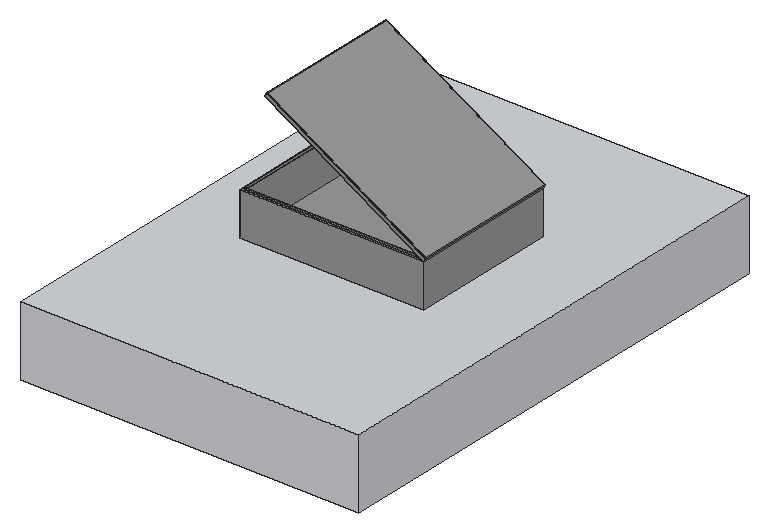
Revit family "Hager-Univers-IP44-D205-H650-Cl.II-Encl-NL-en", category Equipement électrique, Revit 2020
Family settings
  Hôte = Face
  Configuration du panneau = Deux colonnes, circuits au sein
  Cote de connecteur circulaire = Utiliser le diamètre
  Type d'élément = Tableau de raccordement
  Couper avec des vides une fois chargée = Non
  Partagée = Non
  Point de calcul de pièce = Non
Parameters (values of type "Surface mounted (plaster) IP44 W800 H650 D205  - FP43SN2")
  Width Control [instance] = if([EF000008 - Width] > Min Width, [EF000008 - Width], Min Width)  # 800 mm
  Commentaires du type = [HG000003 - Range]  # "Univers"
  Thickness Door [instance] = if([EF009171 - Material plate thickness door/cover] > 3 mm, 3 mm, [EF009171 - Material plate thickness door/cover])  # 1 mm
  Seal Frame Offset [instance] = 17 mm  # constant formula
  Plinth Visibility [instance] = [HG000027 - Plinth height] > 0 mm  # no
  Model = ""
  Min Width [instance] = 100 mm  # constant formula
  Min Height [instance] = 100 mm  # constant formula
  Min Depth [instance] = (2 * [EF009170 - Material plate thickness cabinet]) + 1 mm  # 3 mm
  Internal Frame Depth [instance] = (Door System Depth * 0.5)  # 9 mm
  Height Control [instance] = if([EF000040 - Height] > Min Height, [EF000040 - Height], Min Height)  # 650 mm
  HG000027 - Plinth height = 0 mm
  HG000026 - Floor standing = no
  HG000024 - Bottom section height = 800 mm
  HG000023 - Double section enclosure = no
  HG000016 - Door 3d visibility [instance] = yes
  HG000015 - Clearance visibility [instance] = no
  HG000014 - Door on the right [instance] = yes
  HG000013 - Door on the left [instance] = not([HG000014 - Door on the right])  # no
  HG000012 - Door swing angle [instance] = 30.00°
  HG000010 - Asymmetric doors = no
  HG000009 - Double swing door = no
  HG000006 - Flush mounted = no
  HG000004 - Manufacturer reference = "FP43SN2"
  HG000003 - Range = "Univers"
  HG000002 - With door or cover = yes
  Frame Offset Bottom [instance] = 10 mm  # constant formula
  Frame Offset [instance] = 15 mm  # constant formula
  EF015940 - Cover with overpressure release = no
  EF011959 - Degree of protection (NEMA) = ""
  EF009554 - Number of openings for flange plates = 6
  EF009212 - Cover model = "EV000116 - Closed"
  EF009171 - Material plate thickness door/cover = 1 mm
  EF009170 - Material plate thickness cabinet = 1 mm
  Fabricant = "Hager"  # constant formula
  EF008873 - Nominal current (In) = 250 A
  EF007800 - Suitable for lightning protection = no
  EF006306 - With lock = no
  EF006244 - Transparent cover/door = no
  EF005474 - Degree of protection (IP) = "EV006418 - IP44"
  EF004464 - Type of door = "EV002646 - Single"
  EF004427 - Number of modules = 144
  EF004293 - Impact strength = "EV006815 - IK09"
  EF003532 - Suitable for outdoor use = no
  EF002950 - Width in number of modular spacings = 36
  EF001613 - Circuit integrity = "EV000494 - None"
  EF001596 - Material housing = "EV000179 - Steel"
  EF001131 - Internal depth = 143 mm
  EF001088 - Extension possible = yes
  EF000437 - Number of conduit inlets = 6
  EF000339 - Type of cover = "EV001012 - Cover"
  EF000266 - Number of rows = 4
  EF000218 - Built-in depth = 205 mm
  EF000118 - With mounting plate = no
  EF000116 - RAL-number = "9010"
  EF000049 - Depth = 205 mm
  EF000040 - Height = 650 mm
  EF000008 - Width = 800 mm
  EF000007 - Colour = "EV000202 - White"
  EF000003 - Mounting method = "EV000384 - Surface mounted (plaster)"
  Door System Leaf Tolerance [instance] = 1.5 mm  # constant formula
  Door System Depth [instance] = 18 mm  # constant formula
  Door Height [instance] = Height Control - [HG000027 - Plinth height]  # 650 mm
  Depth Control [instance] = if([EF000049 - Depth] > Min Depth, [EF000049 - Depth], Min Depth)  # 205 mm
  Default Elevation = 0 mm
  Connector Offset [instance] = Height Control / 2  # 325 mm
  Bottom Top Plate Trim [instance] = 1.5 mm  # constant formula
  Plinth height Ctrl [instance] = if([HG000027 - Plinth height] > 0 mm, [HG000027 - Plinth height], 12 mm)  # 12 mm
Types (7, lengths in mm): name | Width Control | HG000009 - Double swing door | HG000004 - Manufacturer reference | EF009554 - Number of openings for flange plates | EF004464 - Type of door | EF004427 - Number of modules | EF002950 - Width in number of modular spacings | EF000437 - Number of conduit inlets | EF000218 - Built-in depth | EF000008 - Width
  Surface mounted (plaster) IP44 W1050 H650 D205  - FP44QS | 1050 | yes | "FP44QS" | 8 | "EV003602 - Double" | 192 | 48 | 8 | 0 | 1050
  Surface mounted (plaster) IP44 W1300 H650 D205  - FP45QS | 1300 | yes | "FP45QS" | 10 | "EV003602 - Double" | 240 | 60 | 10 | 0 | 1300
  Surface mounted (plaster) IP44 W300 H650 D205  - FP41QS | 300 | no | "FP41QS" | 2 | "EV002646 - Single" | 48 | 12 | 2 | 0 | 300
  Surface mounted (plaster) IP44 W550 H650 D205  - FP42QS | 550 | no | "FP42QS" | 4 | "EV002646 - Single" | 96 | 24 | 4 | 0 | 550
  Surface mounted (plaster) IP44 W550 H650 D205  - FP42SN2 | 550 | no | "FP42SN2" | 4 | "EV002646 - Single" | 96 | 24 | 4 | 205 | 550
  Surface mounted (plaster) IP44 W800 H650 D205  - FP43QS | 800 | no | "FP43QS" | 6 | "EV002646 - Single" | 144 | 36 | 6 | 0 | 800
  Surface mounted (plaster) IP44 W800 H650 D205  - FP43SN2 | 800 | no | "FP43SN2" | 6 | "EV002646 - Single" | 144 | 36 | 6 | 205 | 800
Reference planes
  plane 1 "Center (Front/Back)": y = 0
  plane 2: z = 0
  plane 3 "Center (Left/Right)": x = 0
  plane 4: z = 205
  plane 5: y = 1
  plane 6: y = 325
  plane 7: y = 0
  plane 8: y = 650
  plane 9: z = 0
  plane 10: x = -385
  plane 11: x = 385
  plane 12: x = 384
  plane 13: x = -384
  plane 14: y = 649
  plane 15: x = -383
  plane 16: x = -400
  plane 17: x = 383
  plane 18: x = 400
  plane 19: x = 399
  plane 20: x = -399
  plane 21: y = 11
  plane 22: y = 650
  plane 23: y = 634
  plane 24: z = 187
  plane 25: z = 1
  plane 26: z = 186
  plane 27: z = 204
Forms (mm)
  Extrusion 1, solid
    sketch origin (0, 0, 0) x (1, 0, 0) y (0, 1, 0)
      loop
        line (-702.964, 1305) -> (-702.964, -811.445) -> (766.763, -811.445) -> (766.763, 1305) -> (-702.964, 1305)
    from 0 to -304.8
  Extrusion 2, solid, material "Hager_Steel_RAL7035_Light_Grey", visible <- "Plinth Visibility", detail levels medium+fine
    sketch origin (0, 0, 0) x (1, 0, 0) y (0, 1, 0)
      loop
        line (-400, 0) -> (400, 0) -> (400, 12) -> (-400, 12) -> (-400, 0)
    from 0 to 187
  Extrusion 3, solid, material "Hager_Steel_RAL7035_Light_Grey", detail levels medium+fine
    sketch origin (0, 0, 0) x (1, 0, 0) y (0, 1, 0)
      loop
        line (-400, 0) -> (400, 0) -> (400, 650) -> (-400, 650) -> (-400, 0)
    from 0 to 187
  Extrusion 4, void
    sketch origin (0, 0, 0) x (1, 0, 0) y (0, 1, 0)
      loop
        line (-399, 1) -> (399, 1) -> (399, 649) -> (-399, 649) -> (-399, 1)
    from 1 to 186
  Extrusion 5, void
    sketch origin (-381.607, -4572, 187) x (0, -1, 0) y (-1, 0, 0)
      loop
        line (-4583, 2.393) -> (-5206, 2.393) -> (-5206, -765.607) -> (-4583, -765.607) -> (-4583, 2.393)
    from 0 to 1 <- "EF009170 - Material plate thickness cabinet"
  Extrusion 6, solid, material "Hager_Steel_RAL7035_Light_Grey", detail levels fine
    sketch origin (0, 0, 187) x (1, 0, 0) y (0, 1, 0)
      loop
        line (-384, 634) -> (-384, 11) -> (384, 11) -> (384, 634) -> (-384, 634)
      loop
        line (-385, 10) -> (385, 10) -> (385, 635) -> (-385, 635) -> (-385, 10)
    from 0 to 9 <- "Internal Frame Depth"
  Extrusion 7, solid, material "Hager_Steel_RAL7035_Light_Grey", detail levels coarse
    sketch origin (0, 0, 0) x (1, 0, 0) y (0, 1, 0)
      loop
        line (-400, 0) -> (400, 0) -> (400, 650) -> (-400, 650) -> (-400, 0)
    from 0 to 205
  Sweep 8, void
    path in 3D
      loop
        line (-400, 12, 0) -> (400, 12, 0) -> (400, 12, 187) -> (-400, 12, 187) -> (-400, 12, 0)
    profile origin (-400, 12, 93.5) x (-1, 0, 0) y (0, -1, 0)
      loop
        line (0, 0) -> (0, 1.5) -> (-1.5, 1.5)
        arc (-1.5, 1.5) -> (-1.061, 0.439) -> (0, 0) r 1.5
Cuts and joins
  Extrusion 4, Extrusion 5 cuts Extrusion 3
  Sweep 8 cuts Extrusion 2
Lines and regions (mm)
  Masking region 1
    outline origin (0, 0, 0) x (1, 0, 0) y (0, 0, 1)
      loop
        line (-400, 205) -> (-400, 0) -> (400, 0) -> (400, 205) -> (-400, 205)
  Masking region 2, detail levels medium+fine
    outline origin (0, 140, 0) x (0, 1, 0) y (0, 0, 1)
      loop
        line (-140, 0) -> (510, 0) -> (510, 187) -> (-140, 187) -> (-140, 0)
  Masking region 3, not visible, detail levels medium+fine
    outline origin (0, 297.922, 0) x (0, 1, 0) y (0, 0, 1)
      loop
        line (38.578, 0) -> (78.578, 0) -> (78.578, 194)
        arc (78.578, 194) -> (75.649, 201.071) -> (68.578, 204) r 10
        line (68.578, 204) -> (38.578, 204) -> (38.578, 0)
  Masking region 4, detail levels coarse
    outline origin (0, 0, 180) x (0, 1, 0) y (0, 0, 1)
      loop
        line (0, -180) -> (650, -180) -> (650, 25) -> (0, 25) -> (0, -180)
  Masking region 5, visible <- "Plinth Visibility", detail levels medium+fine
    outline origin (0, 52.24, 12.345) x (0, 0, -1) y (0, 1, 0)
      loop
        line (10.845, -40.24) -> (-173.155, -40.24)
        arc (-173.155, -40.24) -> (-173.594, -41.301) -> (-174.655, -41.74) r 1.5
        line (-174.655, -41.74) -> (-174.655, -52.24) -> (12.345, -52.24) -> (12.345, -41.74)
        arc (12.345, -41.74) -> (11.285, -41.301) -> (10.845, -40.24) r 1.5
  Masking region 6, detail levels medium+fine
    outline origin (-381.607, -4572, 187) x (-1, 0, 0) y (0, -1, 0)
      loop
        line (18.393, -5222) -> (18.393, -4572) -> (-781.607, -4572) -> (-781.607, -5222) -> (18.393, -5222)
  Masking region 7, visible <- "Plinth Visibility", detail levels medium+fine
    outline origin (-381.607, -4727, 187) x (-1, 0, 0) y (0, -1, 0)
      loop
        arc (16.893, -4739) -> (17.332, -4737.939) -> (18.393, -4737.5) r 1.5
        line (18.393, -4737.5) -> (18.393, -4727) -> (-781.607, -4727) -> (-781.607, -4737.5)
        arc (-781.607, -4737.5) -> (-780.546, -4737.939) -> (-780.107, -4739) r 1.5
        line (-780.107, -4739) -> (16.893, -4739)
  Masking region 8, detail levels coarse
    outline origin (-442.548, -4669.526, 187) x (-1, 0, 0) y (0, -1, 0)
      loop
        line (-42.548, -5319.526) -> (-42.548, -4669.526) -> (-842.548, -4669.526) -> (-842.548, -5319.526) -> (-42.548, -5319.526)
  sketch lines
    curve 1: line (-400, 12, 187) -> (-400, 12, 0)
    curve 2: line (400, 12, 187) -> (-400, 12, 187)
    curve 3: line (400, 12, 187) -> (400, 12, 0)
    curve 4: line (-400, 12, 0) -> (400, 12, 0)
Dimensions and locks
  "Depth Control": plane 4 to Extrusion 1
  "HG000027 - Plinth height": plane 1 "Center (Front/Back)" to plane 7
  "EF009170 - Material plate thickness cabinet": plane 5 to plane 7
  locked: connector elem to plane 3 "Center (Left/Right)"
  equal spacing: plane 8, plane 6, plane 7
  locked: connector elem to plane 6
  "EF009170 - Material plate thickness cabinet": plane 8 to plane 14
  "EF009170 - Material plate thickness cabinet": plane 10 to plane 13
  "EF009170 - Material plate thickness cabinet": plane 12 to plane 11
  "Frame Offset": plane 20 to plane 13
  "Frame Offset": plane 12 to plane 19
  "EF009170 - Material plate thickness cabinet": plane 16 to plane 20
  "EF009170 - Material plate thickness cabinet": plane 19 to plane 18
  "Seal Frame Offset": plane 16 to plane 15
  "Seal Frame Offset": plane 17 to plane 18
  "Frame Offset Bottom": plane 21 to plane 5
  "Frame Offset": plane 14 to plane 23
  equal spacing: plane 16, plane 3 "Center (Left/Right)", plane 18
  "Width Control": plane 16 to plane 18
  "EF009170 - Material plate thickness cabinet": plane 4 to plane 27
  "EF009170 - Material plate thickness cabinet": plane 24 to plane 26
  "EF009170 - Material plate thickness cabinet": plane 25 to level
  "Door System Depth": plane 4 to plane 24
  "Height Control": plane 1 "Center (Front/Back)" to Extrusion 7 sketch curve
  "Height Control": Masking region 4 sketch curve to plane 1 "Center (Front/Back)"
  "Height Control": plane 1 "Center (Front/Back)" to plane 22
  "Bottom Top Plate Trim": profile plane to Sweep 8 sketch curve
  "Bottom Top Plate Trim": Sweep 8 sketch curve to profile plane
  "Plinth height Ctrl": plane 1 "Center (Front/Back)" to Extrusion 2 sketch curve
  "Plinth height Ctrl": Masking region 5 sketch curve to plane 1 "Center (Front/Back)"
  "Plinth height Ctrl": plane 1 "Center (Front/Back)" to Masking region 7 sketch curve
  "Thickness Door": Extrusion 6 sketch curve to Extrusion 6 sketch curve  (x3)
  "Thickness Door": cut or joined group of Extrusion 3, Extrusion 4, Extrusion 5 to Extrusion 6 sketch curve
  radius of Masking region 3 sketch curve = 10 mm
  "Bottom Top Plate Trim": radius of Masking region 5 sketch curve  (x2)
  "Bottom Top Plate Trim": radius of Sweep 8 sketch curve
  "Bottom Top Plate Trim": radius of Masking region 7 sketch curve  (x2)
  aligned and locked: plane 2 to Extrusion 1
  aligned and locked: level to Extrusion 1
  aligned and locked: level to Masking region 1 sketch curve
  aligned and locked: Masking region 1 sketch curve to plane 18
  aligned and locked: Masking region 1 sketch curve to plane 16
  aligned and locked: plane 7 to Masking region 2 sketch curve
  aligned and locked: level to Masking region 3 sketch curve
  aligned and locked: Masking region 3 sketch curve to plane 27
  aligned and locked: level to Masking region 2 sketch curve
  aligned and locked: plane 1 "Center (Front/Back)" to Extrusion 2 sketch curve
  aligned and locked: Extrusion 3 sketch curve to plane 7
  aligned and locked: plane 16 to Extrusion 3 sketch curve
  aligned and locked: plane 18 to Extrusion 3 sketch curve
  aligned and locked: plane 20 to Extrusion 4 sketch curve
  aligned and locked: plane 19 to Extrusion 4 sketch curve
  aligned and locked: Extrusion 4 sketch curve to plane 5
  aligned and locked: Extrusion 4 to plane 25
  aligned and locked: plane 26 to Extrusion 4
  aligned and locked: plane 24 to Extrusion 3
  aligned and locked: Extrusion 5 sketch curve to plane 21
  aligned and locked: Extrusion 5 sketch curve to plane 13
  aligned and locked: Extrusion 5 sketch curve to plane 12
  aligned and locked: plane 18 to Extrusion 7 sketch curve
  aligned and locked: plane 1 "Center (Front/Back)" to Extrusion 7 sketch curve
  aligned and locked: plane 16 to Extrusion 7 sketch curve
  aligned and locked: plane 4 to Extrusion 7
  aligned and locked: Extrusion 7 to level
  aligned and locked: level to Masking region 4 sketch curve
  aligned and locked: Masking region 4 sketch curve to plane 1 "Center (Front/Back)"
  aligned and locked: Masking region 4 sketch curve to plane 4
  aligned and locked: nested 1 to level
  aligned and locked: nested 1 to plane 16
  aligned and locked: plane 8 to Extrusion 3 sketch curve
  aligned and locked: plane 23 to Extrusion 5 sketch curve
  aligned and locked: plane 14 to Extrusion 4 sketch curve
  aligned and locked: Masking region 2 sketch curve to plane 8
  aligned and locked: level to Masking region 5 sketch curve
  aligned and locked: plane 16 to Extrusion 2 sketch curve
  aligned and locked: plane 18 to Extrusion 2 sketch curve
  aligned and locked: Masking region 5 sketch curve to plane 24
  aligned and locked: Masking region 2 sketch curve to plane 24
  aligned and locked: plane 24 to Extrusion 2
  aligned and locked: profile plane to Sweep 8 sketch curve  (x2)
  aligned and locked: Masking region 6 sketch curve to plane 18
  aligned and locked: Masking region 6 sketch curve to plane 22
  aligned and locked: Masking region 6 sketch curve to plane 16
  aligned and locked: plane 8 to plane 22
  aligned and locked: Masking region 6 sketch curve to plane 7
  aligned and locked: Masking region 7 sketch curve to plane 16
  aligned and locked: Masking region 7 sketch curve to plane 1 "Center (Front/Back)"
  aligned and locked: Masking region 7 sketch curve to plane 18
  aligned and locked: Masking region 8 sketch curve to plane 1 "Center (Front/Back)"
  aligned and locked: Masking region 8 sketch curve to plane 18
  aligned and locked: Masking region 8 sketch curve to plane 22
  aligned and locked: Masking region 8 sketch curve to plane 16
  aligned and locked: nested 2 to plane 7
  aligned and locked: plane 3 "Center (Left/Right)" to nested 2
  aligned and locked: nested 2 to plane 24
  aligned and locked: Extrusion 6 sketch curve to cut or joined group of Extrusion 3, Extrusion 4, Extrusion 5  (x4)
Automatic sketch dimensions
  Extrusion 1 sketch curve to Extrusion 1 sketch curve = 1469.727 mm
  Extrusion 1 sketch curve to Extrusion 1 sketch curve = 2116.445 mm
  Masking region 1 sketch curve to plane 4 = 0 mm
  plane 6 to Masking region 3 sketch curve = 11.5 mm
  Masking region 3 sketch curve to Masking region 3 sketch curve = 30 mm
  Masking region 5 sketch curve to plane 1 "Center (Front/Back)" = 0 mm
Nested families
  nested 1: "Hager_Enclosure_Symbol" at (-400, 0, 0) x (1, 0, 0) z (0, -1, 0), Height <- "Depth Control", Width <- "Width Control", type "Hager_Enclosure_Symbol"
    with Width_Ctrl 800 mm, Width 800 mm, Height_Ctrl 205 mm, Height 205 mm, A_Width_Int 13.453 mm, A_Width 161.438 mm, A_Height_Ctrl 179.375 mm, A_Height 179.375 mm
  nested 2: "EC000058_Univers_Door" at (0, 0, 187) x (1, 0, 0) z (0, 1, 0), Leaf_Tolerance <- "Door System Leaf Tolerance", Angle <- "HG000012 - Door swing angle", Door_Depth <- "Door System Depth", Door_Left <- "HG000013 - Door on the left", Transparent <- "EF006244 - Transparent cover/door", Assymetrical <- "HG000010 - Asymmetric doors", Width <- "Width Control", Clearance <- "HG000015 - Clearance visibility", Double <- "HG000009 - Double swing door", 3d_Door <- "HG000016 - Door 3d visibility", Lock_Visibility <- "EF006306 - With lock", Width_Ctrl <- "Width Control", Door_Right <- "HG000014 - Door on the right", Door <- "HG000002 - With door or cover", Height <- "Door Height", Thickness <- "Thickness Door", type "EC000058_Univers_Door", detail levels medium+fine
    with min_wh 3 mm, Width_Ctrl 800 mm, Width 800 mm, Transparent no, Thickness 1 mm, Seal_Material Hager_Rubber, Lock_Visibility no, Lock_Material Hager_Plastic_RAL9005_Jet_Black, Leaf_Width 800 mm, Leaf_Tolerance_External_Sides 0 mm, Leaf_Tolerance 1.5 mm, Leaf_Offset 0 mm, Leaf_Height 647 mm, Leaf_2_Width 800 mm, Leaf_2_Offset 400 mm, Leaf_1_Width 800 mm, Leaf_1_Offset 400 mm, Height_Ctrl 650 mm, Height 650 mm, Glass_Material Hager_Glass, Double_Clearance_Ctrl no, Double no, Door_Right_Ctrl yes, Door_Right yes, Door_Material Hager_Steel_RAL7035_Light_Grey, Door_Left_Ctrl no, Door_Left no, Door_Depth 18 mm, Door yes, Clearance_Material Hager_Clearance, Clearance_Depth 800 mm, Clearance_Ctrl no, Clearance no, Assymetrical no, Angle 30.00°, 3d_Door yes
Connectors
  electrical at (0, 325, 0)
    settings: on plane 9, index 1, voltage 0 V, apparent load 0 VA, apparent load phase1 0 VA, apparent load phase2 0 VA, apparent load phase3 0 VA, power factor 1, load classification "Other", number of poles 1, system type 30, power factor state 1, is connector primary yes, connector utility no, sub classification motor no, connector description ""
Definition of nested family "EC000058_Univers_Door"
  Parameters (values of type "EC000058_Univers_Door")
    min_wh [instance] = (2 * Thickness) + 1 mm  # 11 mm
    Width_Ctrl [instance] = 400 mm
    Width [instance] = 500 mm
    Transparent [instance] = yes
    Thickness [instance] = 5 mm
    Seal_Material [instance] = none
    Lock_Visibility [instance] = yes
    Lock_Material [instance] = none
    Leaf_Width [instance] = if((Width_Ctrl - 2 * Leaf_Tolerance_External_Sides) > 0 mm, (Width_Ctrl - 2 * Leaf_Tolerance_External_Sides), min_wh)  # 400 mm
    Leaf_Tolerance_External_Sides [instance] = 0 mm  # constant formula
    Leaf_Tolerance [instance] = 1.5 mm
    Leaf_Offset [instance] = 0 mm  # constant formula
    Leaf_Height [instance] = if((Height_Ctrl - 2 * Leaf_Tolerance) > 0 mm, (Height_Ctrl - 2 * Leaf_Tolerance), min_wh)  # 497 mm
    Leaf_2_Width [instance] = if(and(and(Double, Assymetrical), Door_Left), (Leaf_Width / 3) - (Leaf_Tolerance / 2), if(and(and(Double, Assymetrical), Door_Right), (Leaf_Width / 3) * 2 - (Leaf_Tolerance / 2), if(and(Double, not(Assymetrical)), (Leaf_Width / 2) - Leaf_Tolerance, Leaf_Width)))  # 400 mm
    Leaf_2_Offset [instance] = if(and(Double, Assymetrical), Leaf_2_Width / 2, if(and(Double, not(Assymetrical)), Leaf_Width / 4, Leaf_Width / 2))  # 200 mm
    Leaf_1_Width [instance] = if(and(and(Double, Assymetrical), Door_Right), (Leaf_Width / 3) - (Leaf_Tolerance / 2), if(and(and(Double, Assymetrical), Door_Left), (Width / 3) * 2 - (Leaf_Tolerance / 2), if(and(Double, not(Assymetrical)), (Leaf_Width / 2) - Leaf_Tolerance, Leaf_Width)))  # 400 mm
    Leaf_1_Offset [instance] = if(and(Double, Assymetrical), Leaf_1_Width / 2, if(and(Double, not(Assymetrical)), Leaf_Width / 4, Leaf_Width / 2))  # 200 mm
    Height_Ctrl [instance] = if(Height > min_wh, Height, min_wh)  # 500 mm
    Height [instance] = 500 mm
    Glass_Material [instance] = none
    Double_Clearance_Ctrl [instance] = and(Double, Clearance)  # no
    Double [instance] = no
    Door_Right_Ctrl [instance] = and(or(Door_Right, Double), Door)  # yes
    Door_Right [instance] = yes
    Door_Material [instance] = none
    Door_Left_Ctrl [instance] = and(or(Door_Left, Double), Door)  # no
    Door_Left [instance] = no
    Door_Depth [instance] = 30 mm
    Door [instance] = yes
    Default Elevation = 1219.2 mm
    Clearance_Material [instance] = none
    Clearance_Depth [instance] = if(Leaf_1_Width > Leaf_2_Width, Leaf_1_Width, Leaf_2_Width)  # 400 mm
    Clearance_Ctrl [instance] = and(not(Double), Clearance)  # yes
    Clearance [instance] = yes
    Assymetrical [instance] = yes
    Angle [instance] = 30.00°
    3d_Door [instance] = yes
  Reference planes
    plane 1 "Center (Front/Back)": y = 0
    plane 2 "Bottom": z = 0
    plane 3 "Center (Left/Right)": x = 0
    plane 4: z = 500
    plane 5: x = -200
    plane 6: x = 200
    plane 7: z = 500
    plane 8: x = -200
    plane 9: z = 0
    plane 10: x = 200
    plane 11: y = 0
    plane 12: z = 1.5
    plane 13: x = -600
    plane 14: y = -400
    plane 15: x = 600
    plane 16: x = 0
    plane 17: x = 0
    plane 18: x = -200
    plane 19: x = 200
    plane 20: z = 498.5
  Forms (mm)
    Extrusion 1, solid, material <- "Clearance_Material", visible <- "Double_Clearance_Ctrl"
      sketch origin (1200, 0, 0) x (1, 0, 0) y (0, 0, -1)
        loop
          line (-1800, -498.5) -> (-600, -498.5) -> (-600, 0) -> (-1800, 0) -> (-1800, -498.5)
      from 0 to -400
  Dimensions and locks
    equal spacing: plane 5, plane 3 "Center (Left/Right)", plane 6
    "Width_Ctrl": plane 5 to plane 6
    "Leaf_Offset": plane 5 to plane 8
    "Leaf_Offset": plane 6 to plane 10
    "Leaf_Offset": plane 9 to level
    "Leaf_Offset": plane 4 to plane 7
    "Height_Ctrl": plane 4 to level
    "Leaf_Tolerance": plane 12 to plane 9
    locked: plane 11 to plane 1 "Center (Front/Back)"
    "Leaf_1_Offset": plane 18 to plane 16
    "Leaf_2_Offset": plane 17 to plane 19
    "Leaf_1_Width": plane 13 to plane 8
    "Leaf_2_Width": plane 10 to plane 15
    "Clearance_Depth": plane 14 to plane 1 "Center (Front/Back)"
    "Leaf_Tolerance_External_Sides": plane 8 to plane 18
    "Leaf_Tolerance_External_Sides": plane 19 to plane 10
    "Leaf_Tolerance": plane 7 to plane 20
    aligned and locked: level to plane 2 "Bottom"
    aligned and locked: nested 1 to plane 16
    aligned and locked: nested 2 to plane 17
    aligned and locked: Extrusion 1 to plane 13
    aligned and locked: plane 15 to Extrusion 1
    aligned and locked: Extrusion 1 to plane 14
    aligned and locked: plane 12 to nested 1
    aligned and locked: nested 2 to plane 12
    aligned and locked: Extrusion 1 to plane 11
    aligned and locked: plane 20 to Extrusion 1
    aligned and locked: nested 2 to plane 11
    aligned and locked: nested 1 to plane 11
  Automatic sketch dimensions
    Extrusion 1 sketch curve to level = 0 mm
    plane 5 to Extrusion 1 sketch curve = 400 mm
    plane 6 to Extrusion 1 sketch curve = 400 mm
    Extrusion 1 sketch curve to plane 4 = 1.5 mm
  Nested families
    nested 1: "EC000058_Univers_Door_Leaf" at (0, 0, 1.5), Width <- "Leaf_1_Width", visible <- "Door_Left_Ctrl", Leaf_Height <- "Leaf_Height", Angle <- "Angle", 3d_Door <- "3d_Door", Transparent <- "Transparent", Clearance Material <- "Clearance_Material", Clearance <- "Clearance_Ctrl", Door_Material <- "Door_Material", Glass_Material <- "Glass_Material", Door_Depth <- "Door_Depth", Lock_Material <- "Lock_Material", Seal_Material <- "Seal_Material", Lock_Visibility <- "Lock_Visibility", Thickness <- "Thickness", type "EC000058_Univers_Door_Leaf"
      with Width 400 mm, Transparent_Glass_Offset 30 mm, Transparent_Ctrl yes, Transparent yes, Thickness 5 mm, Standard no, Seal_Material none, Seal_D2 8 mm, Seal_D1 1 mm, Offset_Internal_Frame 10 mm, Lock_Width 20 mm, Lock_Visibility_3d yes, Lock_Visibility yes, Lock_Thickness_3 3 mm, Lock_Thickness_2 1 mm, Lock_Thickness_1 3 mm, Lock_Radius_Offset_2 16 mm, Lock_Radius_Offset_1 15 mm, Lock_Radius_2 5 mm, Lock_Radius 6 mm, Lock_Offset 5 mm, Lock_Material none, Lock_Height 80 mm, Lock_Cover_Top_Offset_2d 17 mm, Lock_Cover_Height -65 mm, Leaf_Height 497 mm, Internal_Seal_Thickness 8 mm, Internal_Seal_Depth_2 4.5 mm, Internal_Frame_Depth 25 mm, Glass_Thickness -1 mm, Glass_Offset -2 mm, Glass_Material none, Door_Material none, Door_Depth 30 mm, Clearance Material none, Clearance yes, Angle_Ctrl 30.00°, Angle 30.00°, 3d_Door yes
    nested 2: "EC000058_Univers_Door_Leaf" at (0, 0, 1.5) x (-1, 0, 0) z (0, 0, 1), Width <- "Leaf_2_Width", visible <- "Door_Right_Ctrl", Leaf_Height <- "Leaf_Height", Angle <- "Angle", 3d_Door <- "3d_Door", Transparent <- "Transparent", Clearance Material <- "Clearance_Material", Clearance <- "Clearance_Ctrl", Door_Material <- "Door_Material", Glass_Material <- "Glass_Material", Door_Depth <- "Door_Depth", Lock_Material <- "Lock_Material", Seal_Material <- "Seal_Material", Lock_Visibility <- "Lock_Visibility", Thickness <- "Thickness", type "EC000058_Univers_Door_Leaf"
      with Width 400 mm, Transparent_Glass_Offset 30 mm, Transparent_Ctrl yes, Transparent yes, Thickness 5 mm, Standard no, Seal_Material none, Seal_D2 8 mm, Seal_D1 1 mm, Offset_Internal_Frame 10 mm, Lock_Width 20 mm, Lock_Visibility_3d yes, Lock_Visibility yes, Lock_Thickness_3 3 mm, Lock_Thickness_2 1 mm, Lock_Thickness_1 3 mm, Lock_Radius_Offset_2 16 mm, Lock_Radius_Offset_1 15 mm, Lock_Radius_2 5 mm, Lock_Radius 6 mm, Lock_Offset 5 mm, Lock_Material none, Lock_Height 80 mm, Lock_Cover_Top_Offset_2d 17 mm, Lock_Cover_Height -65 mm, Leaf_Height 497 mm, Internal_Seal_Thickness 8 mm, Internal_Seal_Depth_2 4.5 mm, Internal_Frame_Depth 25 mm, Glass_Thickness -1 mm, Glass_Offset -2 mm, Glass_Material none, Door_Material none, Door_Depth 30 mm, Clearance Material none, Clearance yes, Angle_Ctrl 30.00°, Angle 30.00°, 3d_Door yes
  Definition of nested family "EC000058_Univers_Door_Leaf"
    Parameters (values of type "EC000058_Univers_Door_Leaf")
      Width [instance] = 2000 mm
      Transparent_Glass_Offset [instance] = 30 mm
      Transparent_Ctrl [instance] = and(Transparent, [3d_Door])  # yes
      Transparent [instance] = yes
      Thickness [instance] = 5 mm
      Standard [instance] = and(not(Transparent), [3d_Door])  # no
      Seal_Material [instance] = none
      Seal_D2 [instance] = 8 mm  # constant formula
      Seal_D1 [instance] = 1 mm  # constant formula
      Offset_Internal_Frame [instance] = 10 mm  # constant formula
      Lock_Width [instance] = 20 mm  # constant formula
      Lock_Visibility_3d [instance] = and(Lock_Visibility, [3d_Door])  # yes
      Lock_Visibility [instance] = yes
      Lock_Thickness_3 [instance] = 3 mm  # constant formula
      Lock_Thickness_2 [instance] = 1 mm  # constant formula
      Lock_Thickness_1 [instance] = 3 mm  # constant formula
      Lock_Radius_Offset_2 [instance] = Lock_Radius_Offset_1 + 1 mm  # 16 mm
      Lock_Radius_Offset_1 [instance] = 15 mm  # constant formula
      Lock_Radius_2 [instance] = Lock_Radius - 1 mm  # 5 mm
      Lock_Radius [instance] = 6 mm  # constant formula
      Lock_Offset [instance] = 5 mm  # constant formula
      Lock_Material [instance] = none
      Lock_Height [instance] = 80 mm  # constant formula
      Lock_Cover_Top_Offset_2d [instance] = Lock_Radius_Offset_2 + 1 mm  # 17 mm
      Lock_Cover_Height [instance] = -(Lock_Height - Lock_Radius_Offset_1)  # -65 mm
      Leaf_Height [instance] = 2720.336 mm
      Internal_Seal_Thickness [instance] = 8 mm  # constant formula
      Internal_Seal_Depth_2 [instance] = 4.5 mm  # constant formula
      Internal_Frame_Depth [instance] = if(Door_Depth - Thickness > 5 mm, Door_Depth - Thickness, 5 mm)  # 25 mm
      Glass_Thickness [instance] = if(Thickness > 15 mm, Glass_Offset + 10 mm, -1 mm)  # -1 mm
      Glass_Offset [instance] = if(Thickness > 15 mm, -(Thickness + 10 mm) / 2, -2 mm)  # -2 mm
      Glass_Material [instance] = none
      Door_Material [instance] = none
      Door_Depth [instance] = 30 mm
      Default Elevation = 0 mm
      Clearance Material [instance] = none
      Clearance [instance] = yes
      Angle_Ctrl [instance] = if(Angle > 180.00°, 180.00°, Angle)  # 90.00°
      Angle [instance] = 90.00°
      3d_Door [instance] = yes
    Reference planes
      plane 1 "Center (Front/Back)": y = 0
      plane 2: z = 0
      plane 3 "Center (Left/Right)": x = 0
      plane 4: y = 2000
      plane 5: x = -1000
      plane 6: x = 1000
      plane 7: x = -3000
      plane 8: z = 2720.336
      plane 9: z = 30
      plane 10: z = 2690.336
      plane 11: x = 970
      plane 12: x = -970
      plane 13: y = -3
      plane 14: z = 107.833
      plane 15: y = -5
      plane 16: y = -223.314
      plane 17: x = -1000
      plane 18: z = 1360.168
      plane 19: y = 30
    Forms (mm)
      Extrusion 1, solid, material <- "Clearance Material", visible <- "Clearance"
        sketch origin (0, 0, 0) x (1, 0, 0) y (0, 0, 1)
          loop
            line (-3000, 2720.336) -> (-3000, 0) -> (1000, 0) -> (1000, 2720.336) -> (-3000, 2720.336)
        from 0 to -2000
      Extrusion 2, solid, material <- "Door_Material", visible <- "Standard", detail levels medium+fine
        sketch origin (-1000, 0, 0) x (0, 1, 0) y (-1, 0, 0)
          loop
            line (0, 30) -> (0, 25) -> (2000, 25) -> (2000, 30) -> (0, 30)
        from 0 to 2720.336 <- "Leaf_Height"
      Extrusion 3, solid, material <- "Door_Material", visible <- "Transparent_Ctrl", detail levels medium+fine
        sketch origin (-1000, 0, 0) x (0, 1, 0) y (-1, 0, 0)
          loop
            line (0, 25) -> (2000, 25) -> (2000, 30) -> (0, 30) -> (0, 25)
        from 0 to 2720.336 <- "Leaf_Height"
      Extrusion 4, void
        sketch origin (-1025, 2000, 0) x (0, 1, 0) y (0, 0, -1)
          loop
            line (-30, -2690.336) -> (-30, -30) -> (-1970, -30) -> (-1970, -2690.336) -> (-30, -2690.336)
        from 0 to 5 <- "Thickness"
      Sweep 5, solid, material <- "Seal_Material", visible <- "Transparent_Ctrl", detail levels fine
        path in 3D
          loop
            line (-1025, 30, 30) -> (-1025, 30, 2690.336) -> (-1025, 1970, 2690.336) -> (-1025, 1970, 30) -> (-1025, 30, 30)
        profile origin (-1025, 1000, 30) x (1, 0, 0) y (0, 0, 1)
          loop
            line (0, 0) -> (0, -8) -> (1, -8) -> (1, 0) -> (0, 0)
      Extrusion 6, solid, material <- "Glass_Material", visible <- "Transparent_Ctrl", detail levels medium+fine
        sketch origin (-1030, 0, 0) x (0, 1, 0) y (0, 0, -1)
          loop
            line (1970, -2690.336) -> (1970, -30) -> (30, -30) -> (30, -2690.336) -> (1970, -2690.336)
        from -2 <- "Glass_Offset" to -1 <- "Glass_Thickness"
      Extrusion 7, solid, material <- "Door_Material", visible <- "3d_Door", detail levels medium+fine
        sketch origin (-1025, 2000, 0) x (0, -1, 0) y (0, 0, -1)
          loop
            line (0, -2720.336) -> (2000, -2720.336) -> (2000, 0) -> (0, 0) -> (0, -2720.336)
          loop
            line (1995, -5) -> (5, -5) -> (5, -2715.336) -> (1995, -2715.336) -> (1995, -5)
        from 0 to 25 <- "Internal_Frame_Depth"
      Sweep 8, solid, material <- "Seal_Material", visible <- "Transparent_Ctrl", detail levels fine
        path in 3D
          loop
            line (-1025, 0, 0) -> (-1025, 2000, 0) -> (-1025, 2000, 2720.336) -> (-1025, 0, 2720.336) -> (-1025, 0, 0)
        profile origin (-1025, 0, 1360.168) x (1, 0, 0) y (0, 1, 0)
          loop
            line (0, 10) -> (2.975, 10)
            arc (2.975, 10) -> (4.053, 10.447) -> (4.5, 11.525) r 1.525
            line (4.5, 11.525) -> (4.5, 16.527)
            arc (4.5, 16.527) -> (4.069, 17.569) -> (3.027, 18) r 1.473
            line (3.027, 18) -> (0, 18) -> (0, 10)
      Extrusion 9, solid, material <- "Lock_Material", visible <- "Lock_Visibility_3d", detail levels fine
        sketch origin (-1030, 0, 0) x (0, 1, 0) y (0, 0, -1)
          loop
            arc (1993.5, -1400.168) -> (1994.561, -1399.729) -> (1995, -1398.668) r 1.5
            line (1995, -1398.668) -> (1995, -1320.168) -> (1975, -1320.168) -> (1975, -1398.668)
            arc (1975, -1398.668) -> (1975.439, -1399.729) -> (1976.5, -1400.168) r 1.5
            line (1976.5, -1400.168) -> (1993.5, -1400.168)
        from 3 <- "Lock_Thickness_1" to 0
      Blend 10, solid, material <- "Lock_Material", visible <- "Lock_Visibility_3d", detail levels fine
        base sketch origin (-1033, 0, 0) x (0, 1, 0) y (0, 0, -1)
          loop
            line (1975, -1320.168) -> (1975, -1398.668)
            arc (1975, -1398.668) -> (1975.439, -1399.729) -> (1976.5, -1400.168) r 1.5
            line (1976.5, -1400.168) -> (1993.5, -1400.168)
            arc (1993.5, -1400.168) -> (1994.561, -1399.729) -> (1995, -1398.668) r 1.5
            line (1995, -1398.668) -> (1995, -1320.168) -> (1975, -1320.168)
        top sketch origin (-1033, 0, 0) x (0, 1, 0) y (0, 0, -1)
          loop
            line (1976, -1320.168) -> (1976, -1398.668)
            arc (1976, -1398.668) -> (1976.146, -1399.022) -> (1976.5, -1399.168) r 0.5
            line (1976.5, -1399.168) -> (1993.5, -1399.168)
            arc (1993.5, -1399.168) -> (1993.854, -1399.022) -> (1994, -1398.668) r 0.5
            line (1994, -1398.668) -> (1994, -1320.168) -> (1976, -1320.168)
        from 0 to 1 <- "Lock_Thickness_2"
      Blend 11, solid, material <- "Lock_Material", visible <- "Lock_Visibility_3d", detail levels fine
        base sketch origin (-1034, 0, 0) x (0, 1, 0) y (0, 0, -1)
          loop
            line (1978, -1320.168) -> (1978, -1384.168)
            arc (1978, -1384.168) -> (1985, -1391.168) -> (1992, -1384.168) r 7
            line (1992, -1384.168) -> (1992, -1320.168) -> (1978, -1320.168)
        top sketch origin (-1034, 0, 0) x (0, 1, 0) y (0, 0, -1)
          loop
            line (1991, -1320.168) -> (1979, -1320.168) -> (1979, -1383.168)
            arc (1979, -1383.168) -> (1985, -1389.168) -> (1991, -1383.168) r 6
            line (1991, -1383.168) -> (1991, -1320.168)
        from 0 to 3 <- "Lock_Thickness_3"
      Extrusion 12, solid, material <- "Lock_Material", visible <- "Lock_Visibility_3d", detail levels fine
        sketch origin (-1030, 1975, 1320.168) x (1, 0, 0) y (0, -1, 0)
          loop
            line (-7, -19) -> (-7, -1) -> (0, -1) -> (0, 0) -> (-8, 0) -> (-8, -20) -> (0, -20) -> (0, -19) -> (-7, -19)
        from 0 to -65 <- "Lock_Cover_Height"
      Extrusion 13, void
        sketch origin (-1038, 1995, 1320.168) x (-1, 0, 0) y (0, 0, -1)
          loop
            line (-5, -65) -> (0, -65) -> (-5, -60) -> (-5, -65)
        from 0 to 20 <- "Lock_Width"
      Extrusion 14, void
        sketch origin (-1038, 1975, 1320.168) x (0, -1, 0) y (0, 0, -1)
          loop
            circle (-10, -15.995) r 6
          loop
            circle (-10, -15.995) r 5
        from 0 to 2
      Extrusion 15, solid, material <- "Lock_Material", visible <- "Lock_Visibility_3d", detail levels medium
        sketch origin (-1030, 0, 0) x (0, 1, 0) y (0, 0, -1)
          loop
            arc (1993.5, -1400.168) -> (1994.561, -1399.729) -> (1995, -1398.668) r 1.5
            line (1995, -1398.668) -> (1995, -1320.168) -> (1975, -1320.168) -> (1975, -1398.668)
            arc (1975, -1398.668) -> (1975.439, -1399.729) -> (1976.5, -1400.168) r 1.5
            line (1976.5, -1400.168) -> (1993.5, -1400.168)
        from 8 to 0
    Cuts and joins
      Extrusion 4 cuts Extrusion 3
      Extrusion 13, Extrusion 14 cuts Extrusion 9
      Extrusion 14 cuts Blend 11
      Extrusion 13, Extrusion 14 cuts Extrusion 12
      joined: Extrusion 9, Blend 10, Blend 11, Extrusion 12
      Extrusion 14 cuts Extrusion 15
    Lines and regions (mm)
      Masking region 1, visible <- "Lock_Visibility", detail levels fine
        outline origin (0, 0, 0) x (0, 1, 0) y (0, 0, 1)
          loop
            line (30, 1320.168) -> (33, 1320.168) -> (33, 1400.168) -> (30, 1400.168) -> (30, 1320.168)
      Masking region 2, visible <- "Lock_Visibility", detail levels fine
        outline origin (0, 3.143, 0) x (0, 1, 0) y (0, 0, 1)
          loop
            line (29.857, 1354.168) -> (30.857, 1354.168) -> (30.857, 1366.168) -> (29.857, 1366.168) -> (29.857, 1354.168)
      Masking region 3, detail levels medium+fine
        outline origin (0, 0, 0) x (0, 1, 0) y (0, 0, 1)
          loop
            line (0, 0) -> (30, 0) -> (30, 2720.336) -> (0, 2720.336) -> (0, 0)
      Masking region 4, detail levels medium+fine
        outline origin (0, 0, 0) x (1, 0, 0) y (0, 0, 1)
          loop
            line (-1000, 2720.336) -> (-1000, 0) -> (1000, 0) -> (1000, 2720.336) -> (-1000, 2720.336)
      Masking region 5, visible <- "Lock_Visibility", detail levels fine
        outline origin (-47.116, 0, 0) x (1, 0, 0) y (0, 0, 1)
          loop
            arc (1024.616, 1399.168) -> (1023.556, 1398.729) -> (1023.116, 1397.668) r 1.5
            line (1023.116, 1397.668) -> (1023.116, 1320.168) -> (1041.116, 1320.168) -> (1041.116, 1397.668)
            arc (1041.116, 1397.668) -> (1040.677, 1398.729) -> (1039.616, 1399.168) r 1.5
            line (1039.616, 1399.168) -> (1024.616, 1399.168)
      Masking region 6, visible <- "Lock_Visibility", detail levels medium+fine
        outline origin (-25, 0, 0) x (1, 0, 0) y (0, 0, 1)
          loop
            arc (1001.5, 1400.168) -> (1000.439, 1399.729) -> (1000, 1398.668) r 1.5
            line (1000, 1398.668) -> (1000, 1320.168) -> (1020, 1320.168) -> (1020, 1398.668)
            arc (1020, 1398.668) -> (1019.561, 1399.729) -> (1018.5, 1400.168) r 1.5
            line (1018.5, 1400.168) -> (1001.5, 1400.168)
      Masking region 7, visible <- "Lock_Visibility", detail levels fine
        outline origin (-73.735, 0, 0) x (1, 0, 0) y (0, 0, 1)
          loop
            line (1051.735, 1382.168) -> (1065.735, 1382.168) -> (1065.735, 1384.168)
            arc (1065.735, 1384.168) -> (1058.735, 1391.168) -> (1051.735, 1384.168) r 7
            line (1051.735, 1384.168) -> (1051.735, 1382.168)
      Masking region 8, visible <- "Lock_Visibility", detail levels fine
        outline origin (-73.735, 0, 0) x (1, 0, 0) y (0, 0, 1)
          loop
            line (1052.735, 1382.168) -> (1064.735, 1382.168) -> (1064.735, 1383.168)
            arc (1064.735, 1383.168) -> (1058.735, 1389.168) -> (1052.735, 1383.168) r 6
            line (1052.735, 1383.168) -> (1052.735, 1382.168)
      Masking region 9, visible <- "Lock_Visibility", detail levels fine
        outline origin (-25, 0, 0) x (1, 0, 0) y (0, 0, 1)
          loop
            line (1020, 1320.168) -> (1020, 1382.168) -> (1000, 1382.168) -> (1000, 1320.168) -> (1020, 1320.168)
      Masking region 10, detail levels medium+fine
        outline origin (0, 0, 0) x (1, 0, 0) y (0, 0, 1)
          loop
            circle (985, 1335.144) r 6
      Masking region 11, detail levels fine
        outline origin (0, 0, 0) x (1, 0, 0) y (0, 0, 1)
          loop
            circle (985, 1335.144) r 5
      Masking region 12, visible <- "Lock_Visibility", detail levels fine
        outline origin (0, 12.767, 0) x (0, 1, 0) y (0, 0, 1)
          loop
            line (20.233, 1320.168) -> (21.233, 1320.168) -> (21.233, 1399.168) -> (20.233, 1400.168) -> (20.233, 1320.168)
      Masking region 13, visible <- "Lock_Visibility", detail levels fine
        outline origin (0, 13.767, -10) x (0, 1, 0) y (0, 0, 1)
          loop
            line (20.233, 1330.168) -> (23.233, 1330.168) -> (23.233, 1399.168) -> (20.233, 1402.168) -> (20.233, 1330.168)
      Masking region 14, visible <- "Lock_Visibility", detail levels fine
        outline origin (0, 12.767, -10) x (0, 1, 0) y (0, 0, 1)
          loop
            line (20.233, 1330.168) -> (25.233, 1330.168) -> (25.233, 1399.305) -> (20.233, 1394.305) -> (20.233, 1330.168)
      Masking region 15, visible <- "Lock_Visibility", detail levels medium
        outline origin (0, 0, 0) x (0, 1, 0) y (0, 0, 1)
          loop
            line (30, 1320.168) -> (38, 1320.168) -> (38, 1400.168) -> (30, 1400.168) -> (30, 1320.168)
      Masking region 16, visible <- "Lock_Visibility", detail levels fine
        outline origin (-1000, 0, 0) x (0, 1, 0) y (-1, 0, 0)
          loop
            line (1975, 30) -> (1995, 30) -> (1995, 38) -> (1975, 38) -> (1975, 30)
          loop
            line (1979, 37) -> (1976, 37) -> (1976, 34) -> (1978, 34) -> (1979, 37)
          loop
            line (1994, 37) -> (1991, 37) -> (1992, 34) -> (1994, 34) -> (1994, 37)
      Masking region 17, visible <- "Lock_Visibility", detail levels medium
        outline origin (-1000, 0, 0) x (0, 1, 0) y (-1, 0, 0)
          loop
            line (1975, 30) -> (1995, 30) -> (1995, 38) -> (1975, 38) -> (1975, 30)
      symbolic lines
        curve 1: line (1000, 0, 0) -> (-3000, 0, 0)
        curve 2: arc (1000, 0, 0) -> (-1000, 2000, 0) -> (-3000, 0, 0) r 2000
        curve 4: line (-1030, 0, 0) -> (-1030, 2000, 0)
      reference lines
        curve 3: line (-1000, 0, 0) -> (-1000, 2000, 0)
      symbolic lines, detail levels medium+fine
        curve 5: line (-1030, 2000, 0) -> (-1025, 2000, 0)
        curve 7: line (-1025, 0, 0) -> (-1030, 0, 0)
        curve 8: line (-1025, 0, 0) -> (-1000, 0, 0)
        curve 9: line (-1000, 0, 0) -> (-1000, 2000, 0)
        curve 10: line (-1000, 2000, 0) -> (-1025, 2000, 0)
      symbolic lines, detail levels fine
        curve 6: line (-1025, 2000, 0) -> (-1025, 0, 0)
      sketch lines
        curve 11: line (-1025, 0, 2720.336) -> (-1025, 0, 0)
        curve 12: line (-1025, 2000, 0) -> (-1025, 0, 0)
        curve 13: line (-1025, 2000, 2720.336) -> (-1025, 2000, 0)
        curve 14: line (-1025, 0, 2720.336) -> (-1025, 2000, 2720.336)
        curve 15: line (-1025, 1970, 30) -> (-1025, 30, 30)
        curve 16: line (-1025, 30, 30) -> (-1025, 30, 2690.336)
        curve 17: line (-1025, 1970, 2690.336) -> (-1025, 1970, 30)
        curve 18: line (-1025, 30, 2690.336) -> (-1025, 1970, 2690.336)
      symbolic lines, visible <- "Transparent", detail levels medium+fine
        curve 19: line (-970, 0, 2690.336) -> (970, 0, 2690.336)
        curve 20: line (-970, 0, 30) -> (-970, 0, 2690.336)
        curve 21: line (970, 0, 30) -> (-970, 0, 30)
        curve 22: line (970, 0, 2690.336) -> (970, 0, 30)
    Dimensions and locks
      "Width": plane 1 "Center (Front/Back)" to plane 4
      equal spacing: plane 5, plane 3 "Center (Left/Right)", plane 6
      "Width": plane 5 to plane 6
      "Width": plane 7 to plane 5
      "Leaf_Height": plane 8 to level
      "Width": curve 5 to curve 3
      "Width": curve 3 to curve 3
      plane 8 to plane 10 = 30 mm
      plane 9 to level = 30 mm
      plane 12 to plane 5 = 30 mm
      plane 6 to plane 11 = 30 mm
      Extrusion 1 to Extrusion 4 sketch curve = 30 mm
      "Transparent_Glass_Offset": curve 3 to Extrusion 4 sketch curve
      "Transparent_Glass_Offset": Extrusion 4 sketch curve to cut or joined group of Extrusion 3, Extrusion 4  (x2)
      cut or joined group of Extrusion 3, Extrusion 4 to Extrusion 6 sketch curve = 30 mm
      "Transparent_Glass_Offset": cut or joined group of Extrusion 3, Extrusion 4 to Extrusion 4 sketch curve
      "Thickness": curve 6 to curve 4
      "Thickness": Extrusion 7 sketch curve to Extrusion 7 sketch curve  (x4)
      "Door_Depth": curve 4 to curve 3
      "Offset_Internal_Frame": profile plane to Sweep 8 sketch curve
      "Internal_Seal_Thickness": Sweep 8 sketch curve to Sweep 8 sketch curve
      "Internal_Seal_Depth_2": profile plane to Sweep 8 sketch curve
      "Seal_D1": profile plane to Sweep 5 sketch curve
      "Seal_D2": profile plane to Sweep 5 sketch curve
      "Thickness": Extrusion 2 sketch curve to Extrusion 2 sketch curve
      equal spacing: Extrusion 9 sketch curve, plane 18, Extrusion 9 sketch curve  (x2)
      equal spacing: Masking region 1 sketch curve, plane 18, Masking region 1 sketch curve
      "Lock_Height": Masking region 1 sketch curve to Masking region 1 sketch curve
      "Lock_Radius": Masking region 2 sketch curve to plane 18 to Masking region 2 sketch curve
      Masking region 2 sketch curve to Masking region 1 = 1 mm
      "Door_Depth": plane 19 to plane 1 "Center (Front/Back)"
      "Lock_Thickness_1": Masking region 1 sketch curve to plane 19
      "Lock_Width": Extrusion 9 sketch curve to Extrusion 9 sketch curve
      "Lock_Height": Extrusion 9 sketch curve to Extrusion 9 sketch curve
      "Lock_Offset": cut or joined group of Extrusion 3, Extrusion 4 to Extrusion 9 sketch curve
      equal spacing: plane 8, plane 18, level
      "Lock_Radius_Offset_1": Blend 11 sketch curve to Blend 10
      locked: Blend 10 to Blend 11 sketch curve at 2  (x2)
      locked: var sketch to Blend 11 sketch curve at 1  (x2)
      "Lock_Radius_Offset_2": Blend 11 sketch curve to Blend 10
      locked: Extrusion 12 sketch curve to Extrusion 12 sketch curve at 1  (x3)
      Masking region 6 sketch curve to Masking region 6 sketch curve = 80 mm
      "Lock_Height": Masking region 6 sketch curve to Masking region 6 sketch curve
      "Lock_Width": Masking region 6 sketch curve to Masking region 6 sketch curve
      locked: Masking region 6 to Masking region 5 sketch curve at 1  (x3)
      locked: Masking region 5 to Masking region 7 sketch curve at 2  (x2)
      "Lock_Radius_Offset_1": Masking region 5 to Masking region 7 sketch curve
      "Lock_Radius_Offset_2": Masking region 5 to Masking region 8 sketch curve
      locked: Masking region 7 to Masking region 8 sketch curve at 1  (x2)
      "Lock_Cover_Top_Offset_2d": Masking region 5 to Masking region 9 sketch curve
      equal spacing: Masking region 9, Masking region 10 sketch curve, Masking region 9
      equal spacing: Masking region 9, Masking region 11 sketch curve, Masking region 9
      Extrusion 15 sketch curve to Extrusion 15 sketch curve = 80 mm
      "Lock_Width": Extrusion 15 sketch curve to Extrusion 15 sketch curve
      "Lock_Height": Extrusion 15 sketch curve to Extrusion 15 sketch curve
      equal spacing: Extrusion 15 sketch curve, plane 18, Extrusion 15 sketch curve
      "Lock_Thickness_3": Masking region 13 sketch curve to Masking region 13 sketch curve
      "Lock_Height": Masking region 12 sketch curve to Masking region 12 sketch curve
      locked: Masking region 13 sketch curve to Masking region 1 at 8
      locked: Masking region 14 sketch curve to Masking region 13 at 1
      locked: Masking region 14 sketch curve to Masking region 1 at 10.863
      "Lock_Height": Masking region 15 sketch curve to Masking region 15 sketch curve
      "Lock_Offset": Extrusion 15 sketch curve to cut or joined group of Extrusion 3, Extrusion 4
      "Lock_Offset": plane 6 to Masking region 6 sketch curve
      radius of Sweep 8 sketch curve = 1.525 mm
      radius of Sweep 8 sketch curve = 1.473 mm
      radius of Extrusion 9 sketch curve = 1.5 mm  (x2)
      "Lock_Radius": radius of Extrusion 14 sketch curve
      "Lock_Radius_2": radius of Extrusion 14 sketch curve
      "Lock_Radius": radius of Masking region 10 sketch curve
      "Lock_Radius_2": radius of Masking region 11 sketch curve
      radius of Extrusion 15 sketch curve = 1.5 mm  (x2)
      "Angle_Ctrl": angle plane 1 "Center (Front/Back)" to curve 3
      locked: Masking region 12 sketch curve to Masking region 12 sketch curve (angle 45.00°)
      locked: Masking region 13 sketch curve to Masking region 13 sketch curve (angle 45.00°)
      locked: Masking region 14 sketch curve to Masking region 14 sketch curve (angle 45.00°)
      aligned and locked: level to plane 2
      aligned and locked: Extrusion 1 to curve 1
      aligned and locked: plane 6 to Extrusion 1
      aligned and locked: Extrusion 1 to plane 1 "Center (Front/Back)"
      aligned and locked: plane 4 to Extrusion 1
      aligned and locked: plane 8 to Extrusion 1
      aligned and locked: curve 7 to Extrusion 2 sketch curve
      aligned and locked: curve 5 to Extrusion 2 sketch curve
      aligned and locked: curve 7 to Extrusion 3 sketch curve
      aligned and locked: Extrusion 3 sketch curve to curve 4
      aligned and locked: Extrusion 3 sketch curve to curve 6
      aligned and locked: Extrusion 3 sketch curve to curve 5
      aligned and locked: curve 9 to curve 3
      aligned and locked: Extrusion 7 sketch curve to cut or joined group of Extrusion 3, Extrusion 4  (x4)
      aligned and locked: plane 17 to curve 3
      aligned and locked: plane 1 "Center (Front/Back)" to curve 3
      aligned and locked: plane 17 to plane 5
      aligned and locked: Sweep 8 sketch curve to profile plane
      aligned and locked: Sweep 5 sketch curve to profile plane  (x2)
      aligned and locked: Masking region 1 to Masking region 2 sketch curve
      aligned and locked: plane 19 to Masking region 1 sketch curve
      aligned and locked: plane 1 "Center (Front/Back)" to Masking region 3 sketch curve
      aligned and locked: plane 19 to Masking region 3 sketch curve
      aligned and locked: level to Masking region 3 sketch curve
      aligned and locked: Masking region 3 sketch curve to plane 8
      aligned and locked: plane 17 to Masking region 4 sketch curve
      aligned and locked: level to Masking region 4 sketch curve
      aligned and locked: Masking region 4 sketch curve to plane 8
      aligned and locked: plane 12 to curve 20
      aligned and locked: plane 10 to curve 19
      aligned and locked: plane 11 to curve 22
      aligned and locked: curve 21 to plane 9
      aligned and locked: Extrusion 2 sketch curve to cut or joined group of Extrusion 3, Extrusion 4
      aligned and locked: Blend 10 sketch curve to Extrusion 9  (x4)
      aligned and locked: Extrusion 9 to Blend 10 sketch curve
      aligned and locked: Blend 10 to Blend 11 sketch curve
      aligned and locked: Extrusion 12 sketch curve to Blend 11
      aligned and locked: Extrusion 12 sketch curve to Extrusion 9  (x4)
      aligned and locked: Masking region 5 sketch curve to Masking region 6
      aligned and locked: Masking region 9 sketch curve to Masking region 6  (x3)
      aligned and locked: Masking region 12 sketch curve to Masking region 1
      aligned and locked: Masking region 13 sketch curve to Masking region 1
      aligned and locked: Masking region 12 to Masking region 14
      aligned and locked: Masking region 14 sketch curve to Masking region 1
      aligned and locked: Masking region 15 sketch curve to Masking region 14
      aligned and locked: Masking region 13 sketch curve to Masking region 12
      aligned and locked: Masking region 16 sketch curve to cut or joined group of Extrusion 14, Extrusion 15  (x4)
      aligned and locked: Masking region 16 sketch curve to cut or joined group of Extrusion 9, Blend 10, Blend 11, Extrusion 12, Extrusion 13, Extrusion 14  (x6)
      aligned and locked: cut or joined group of Extrusion 9, Blend 10, Blend 11, Extrusion 12, Extrusion 13, Extrusion 14 to Masking region 16 sketch curve
      aligned and locked: Masking region 17 sketch curve to cut or joined group of Extrusion 14, Extrusion 15  (x3)
      aligned and locked: Masking region 17 sketch curve to cut or joined group of Extrusion 9, Blend 10, Blend 11, Extrusion 12, Extrusion 13, Extrusion 14
      aligned and locked: Masking region 9 to Masking region 8 sketch curve
      aligned and locked: Masking region 9 to Masking region 7 sketch curve
    Automatic sketch dimensions
      plane 1 "Center (Front/Back)" to curve 2 = 0 mm
      curve 2 to plane 5 = 0 mm
      Extrusion 1 sketch curve to level = 0 mm
      Extrusion 1 sketch curve to plane 7 = 0 mm
      Extrusion 1 sketch curve to plane 6 = 0 mm
      Extrusion 1 sketch curve to plane 8 = 0 mm
      Extrusion 3 to Extrusion 6 sketch curve = 30 mm  (x4)
      Masking region 4 sketch curve to plane 6 = 0 mm
      Blend 10 sketch curve to Extrusion 9 = 1.5 mm
      Blend 10 sketch curve to Extrusion 9 = 1 mm
      Extrusion 13 sketch curve to Extrusion 12 = 0 mm  (x2)
      Extrusion 12 to Extrusion 13 sketch curve = 3 mm
      Extrusion 13 sketch curve to Extrusion 12 = 5 mm
      Extrusion 14 sketch curve to Extrusion 14 sketch curve = 0 mm  (x2)
      Extrusion 14 sketch curve to Extrusion 12 = 10 mm
      Extrusion 14 sketch curve to Extrusion 12 = 15.995 mm
      Masking region 5 sketch curve to Masking region 5 sketch curve = 1.5 mm  (x2)
      Masking region 10 sketch curve to plane 18 = 25.024 mm
      Masking region 11 sketch curve to plane 18 = 25.024 mm
      plane 19 to Masking region 14 sketch curve = 3 mm
      Masking region 16 sketch curve to Masking region 16 sketch curve = 3 mm
      curve 4 to curve 3 = 0 mm
      Blend 10 to Blend 11 sketch curve = 0 mm
      Masking region 6 sketch curve to Masking region 6 sketch curve = 1.5 mm  (x2)
      Masking region 6 sketch curve to plane 18 = 40 mm
      plane 19 to Masking region 12 sketch curve = 3 mm
      Masking region 12 sketch curve to Masking region 12 sketch curve = 1 mm
      Masking region 15 sketch curve to plane 19 = 0 mm
      Masking region 15 sketch curve to plane 18 = 40 mm
      radius of Blend 10 sketch curve to Extrusion 9 = 1 mm
Definition of nested family "Hager_Enclosure_Symbol"
  Parameters (values of type "Hager_Enclosure_Symbol")
    Width_Ctrl [instance] = if(Width > 1 mm, Width, 1 mm)  # 102.27 mm
    Width [instance] = 102.27 mm
    Height_Ctrl [instance] = if(Height > 1 mm, Height, 1 mm)  # 66.5 mm
    A_Width_Int [instance] = if(A_Width / 12 > 2 mm, A_Width / 12, 2 mm)  # 4.364 mm
    A_Width [instance] = if(A_Height_Ctrl * 0.9 > 2 mm, A_Height_Ctrl * 0.9, 2 mm)  # 52.369 mm
    A_Height_Ctrl [instance] = if(A_Height > 2 mm, A_Height, 2 mm)  # 58.188 mm
    Height [instance] = 66.5 mm
    A_Height [instance] = Height - (Height / 8)  # 58.188 mm
  Reference planes
    plane 1 "Centre (avant/arrière)": y = 0
    plane 2: z = 0
    plane 3 "Centre (gauche/droite)": x = 0
    plane 4: x = 52.369
    plane 5: y = 33.042
    plane 6: y = 41.77
    plane 7: y = 66.5
    plane 8: x = 26.184
    plane 9: y = 37.406
    plane 10: x = 102.27
    plane 11: y = 66.5
    plane 12: y = 8.313
  Lines and regions (mm)
    Filled region 1, type "Solid_Black", in view "Niveau de réf."
      outline origin (0, 0, 0) x (1, 0, 0) y (0, 1, 0)
        loop
          line (52.369, 66.5) -> (33.188, 54.536) -> (45.365, 45.006) -> (52.369, 66.5)
    Filled region 2, type "Solid_Black", in view "Niveau de réf."
      outline origin (0, 0, 0) x (1, 0, 0) y (0, 1, 0)
        loop
          line (0, 0) -> (102.27, 0) -> (102.27, 66.5) -> (0, 0)
    detail lines, in view "Niveau de réf."
      curve 1: line (0, 8.313, 0) -> (26.184, 41.77, 0)
      curve 2: line (26.184, 41.77, 0) -> (26.184, 33.042, 0)
      curve 3: line (26.184, 33.042, 0) -> (52.369, 66.5, 0)
  Dimensions and locks
    "A_Width": plane 3 "Centre (gauche/droite)" to plane 4
    equal spacing: plane 3 "Centre (gauche/droite)", plane 8, plane 4
    equal spacing: plane 6, plane 9, plane 5
    equal spacing: curve 3, Filled region 1 sketch curve, Filled region 1 sketch curve
    "Height_Ctrl": plane 1 "Centre (avant/arrière)" to plane 11
    "A_Height_Ctrl": plane 11 to plane 12
    equal spacing: plane 11, plane 9, plane 12
    "A_Width_Int": plane 6 to plane 9
    "Width_Ctrl": plane 3 "Centre (gauche/droite)" to plane 10
    angle Filled region 1 sketch curve to curve 3 = 20.00°
    angle curve 3 to Filled region 1 sketch curve = 20.00°
    locked: curve 3 to Filled region 1 sketch curve (angle 90.00°)
    aligned and locked: plane 10 to Filled region 2
    aligned and locked: plane 11 to Filled region 2 sketch curve
    aligned and locked: plane 10 to Filled region 2 sketch curve
    aligned and locked: plane 3 "Centre (gauche/droite)" to curve 1
    aligned and locked: plane 12 to curve 1
    aligned and locked: plane 7 to plane 11
  Automatic sketch dimensions
    Filled region 1 sketch curve to plane 4 = 0 mm
    Filled region 1 sketch curve to plane 7 = 0 mm
    plane 1 "Centre (avant/arrière)" to Filled region 2 sketch curve = 0 mm
    Filled region 2 sketch curve to plane 3 "Centre (gauche/droite)" = 0 mm
    curve 2 to plane 6 = 0 mm
    curve 2 to plane 8 = 0 mm
    curve 3 to plane 4 = 0 mm
    curve 2 to plane 5 = 0 mm
    curve 3 to plane 7 = 0 mm
